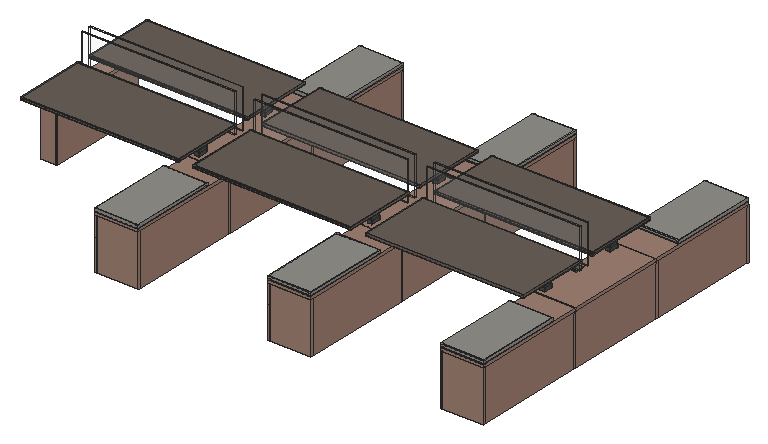
Revit family "T200199", category Furniture, Revit 2015 (continued)
Definition of nested family "STAKS CROSS RAIL BASIC POWER Double Sided Three Circuit"
  Dimensions and locks (in)
    aligned and locked: cut or joined group of Extrusion 18, Extrusion 32, Extrusion 33, Extrusion 34, Extrusion 35 to plane 31
    aligned and locked: plane 30 to cut or joined group of Extrusion 18, Extrusion 32, Extrusion 33, Extrusion 34, Extrusion 35
    aligned and locked: plane 51 to Extrusion 36
    aligned and locked: Extrusion 36 to plane 20
    aligned and locked: plane 52 to Extrusion 36
    aligned and locked: Extrusion 36 to plane 37
    aligned and locked: Extrusion 36 to plane 56
    aligned and locked: plane 55 to Extrusion 36
    aligned and locked: Extrusion 38 sketch curve to plane 56
    aligned and locked: plane 54 to Extrusion 38 sketch curve
    aligned and locked: plane 53 to Extrusion 38 sketch curve
    aligned and locked: Extrusion 38 sketch curve to plane 4  (x2)
    aligned and locked: Extrusion 38 sketch curve to plane 57
    aligned and locked: plane 16 to Extrusion 38
    aligned and locked: Extrusion 38 to plane 34
    aligned and locked: plane 58 to Extrusion 37
    aligned and locked: plane 59 to Extrusion 37
  Automatic sketch dimensions
    Extrusion 1 sketch curve to Extrusion 1 sketch curve = 0.00"  (x16)
    Extrusion 1 sketch curve to plane 15 = 0.00"
    Extrusion 1 sketch curve to plane 14 = 0.00"
    plane 14 to Extrusion 1 sketch curve = 0.39922"  (x2)
    plane 4 to Extrusion 1 sketch curve = 2.06012"
    Extrusion 1 sketch curve to Extrusion 1 sketch curve = 0.0625"  (x3)
    Extrusion 1 sketch curve to plane 15 = 0.1961"  (x2)
    Extrusion 1 sketch curve to Extrusion 1 sketch curve = 0.14063"
    Extrusion 1 sketch curve to Extrusion 1 sketch curve = 0.14062"  (x3)
    plane 14 to Extrusion 1 sketch curve = 0.0625"
    Extrusion 1 sketch curve to Extrusion 1 sketch curve = 0.125"  (x3)
    Extrusion 1 sketch curve to Extrusion 1 sketch curve = 0.00885"  (x2)
    Extrusion 1 sketch curve to Extrusion 1 sketch curve = 0.00024"  (x4)
    Extrusion 1 sketch curve to Extrusion 1 sketch curve = 0.01562"  (x3)
    Extrusion 1 sketch curve to Extrusion 1 sketch curve = 0.01563"
    Extrusion 1 sketch curve to Extrusion 1 sketch curve = 0.00654"  (x2)
    Extrusion 1 sketch curve to Extrusion 1 sketch curve = 0.01744"
    Extrusion 1 sketch curve to Extrusion 1 sketch curve = 0.0926"  (x2)
    Extrusion 1 sketch curve to Extrusion 1 sketch curve = 0.01543"  (x4)
    Extrusion 1 sketch curve to Extrusion 1 sketch curve = 0.48289"  (x2)
    Extrusion 1 sketch curve to Extrusion 1 sketch curve = 0.10803"
    plane 13 to Extrusion 2 sketch curve = 0.5313"
    plane 19 to Extrusion 2 sketch curve = 1.53619"
    Extrusion 3 sketch curve to plane 1 "Center (Front/Back)" = 0.00"  (x2)
    Extrusion 3 sketch curve to plane 1 "Center (Front/Back)" = 0.1644"
    plane 4 to Extrusion 3 sketch curve = 1.3806"
    plane 1 "Center (Front/Back)" to Extrusion 3 sketch curve = 0.10561"
    Extrusion 3 sketch curve to Extrusion 3 sketch curve = 0.05878"
    plane 1 "Center (Front/Back)" to Extrusion 3 sketch curve = 0.56603"
    Extrusion 3 sketch curve to Extrusion 3 sketch curve = 0.02458"  (x2)
    Extrusion 3 sketch curve to Extrusion 3 sketch curve = 0.02775"  (x2)
    Extrusion 3 sketch curve to Extrusion 3 sketch curve = 0.02814"  (x2)
    Extrusion 3 sketch curve to plane 1 "Center (Front/Back)" = 0.10561"
    Extrusion 3 sketch curve to plane 1 "Center (Front/Back)" = 0.56603"
    Extrusion 3 sketch curve to Extrusion 3 sketch curve = 0.00529"
    Extrusion 3 sketch curve to Extrusion 3 sketch curve = 0.02224"  (x2)
    Extrusion 3 sketch curve to Extrusion 3 sketch curve = 0.02753"
    Extrusion 3 sketch curve to Extrusion 3 sketch curve = 0.00"
    Extrusion 3 sketch curve to Extrusion 3 sketch curve = 0.09356"  (x2)
    Extrusion 3 sketch curve to Extrusion 3 sketch curve = 0.26625"  (x2)
    Extrusion 3 sketch curve to Extrusion 3 sketch curve = 0.02752"  (x2)
    Extrusion 3 sketch curve to Extrusion 3 sketch curve = 0.17531"  (x2)
    Extrusion 3 sketch curve to Extrusion 3 sketch curve = 0.40998"
    Extrusion 3 sketch curve to Extrusion 3 sketch curve = 0.12078"  (x2)
    Extrusion 3 sketch curve to Extrusion 3 sketch curve = 0.096"
    Extrusion 4 sketch curve to plane 42 = 0.29039"
    plane 15 to Extrusion 4 sketch curve = 0.26139"
    plane 4 to Extrusion 4 sketch curve = 1.6227"
    Extrusion 4 sketch curve to Extrusion 4 sketch curve = 0.03538"
    Extrusion 4 sketch curve to Extrusion 4 sketch curve = 0.0537"
    Extrusion 4 sketch curve to Extrusion 4 sketch curve = 0.0963"
    Extrusion 4 sketch curve to plane 15 = 0.11622"
    Extrusion 4 sketch curve to plane 15 = 0.25829"
    Extrusion 4 sketch curve to Extrusion 4 sketch curve = 0.04427"
    Extrusion 4 sketch curve to Extrusion 4 sketch curve = 0.12931"
    Extrusion 4 sketch curve to Extrusion 4 sketch curve = 0.14662"
    Extrusion 4 sketch curve to Extrusion 4 sketch curve = 0.06164"
    Extrusion 4 sketch curve to Extrusion 4 sketch curve = 0.10456"
    Extrusion 5 sketch curve to plane 14 = 0.36951"
    Extrusion 5 sketch curve to plane 14 = 0.33413"
    plane 4 to Extrusion 5 sketch curve = 2.00319"
    Extrusion 5 sketch curve to Extrusion 5 sketch curve = 0.05701"
    Extrusion 5 sketch curve to Extrusion 5 sketch curve = 0.0537"
    Extrusion 5 sketch curve to Extrusion 5 sketch curve = 0.0963"
    plane 14 to Extrusion 5 sketch curve = 0.11881"
    plane 14 to Extrusion 5 sketch curve = 0.26088"
    Extrusion 5 sketch curve to Extrusion 5 sketch curve = 0.04291"
    Extrusion 5 sketch curve to Extrusion 5 sketch curve = 0.06852"
    Extrusion 5 sketch curve to Extrusion 5 sketch curve = 0.14662"
    Extrusion 5 sketch curve to Extrusion 5 sketch curve = 0.08504"
    Extrusion 5 sketch curve to Extrusion 5 sketch curve = 0.04427"
    Extrusion 6 sketch curve to plane 11 = 0.00"
    plane 4 to Extrusion 6 sketch curve = 1.77364"
    Extrusion 6 sketch curve to Extrusion 6 sketch curve = 0.37191"  (x2)
    plane 42 to Extrusion 6 sketch curve = 0.208"
    Extrusion 6 sketch curve to Extrusion 6 sketch curve = 1.01094"
    plane 19 to Extrusion 6 sketch curve = 0.52525"
    plane 21 to Extrusion 7 sketch curve = 0.00"
    plane 19 to Extrusion 7 sketch curve = 0.52525"
    Extrusion 7 sketch curve to plane 21 = 0.37191"  (x2)
    Extrusion 7 sketch curve to plane 21 = 0.542"
    Extrusion 7 sketch curve to Extrusion 7 sketch curve = 1.01094"  (x2)
    Extrusion 8 sketch curve to plane 11 = 0.00"
    plane 21 to Extrusion 8 sketch curve = 0.00"
    Extrusion 8 sketch curve to plane 42 = 0.3051"
    plane 4 to Extrusion 8 sketch curve = 1.88459"
    Extrusion 8 sketch curve to plane 42 = 0.19353"
    Extrusion 8 sketch curve to plane 42 = 0.21308"
    Extrusion 8 sketch curve to plane 42 = 0.30563"
    Extrusion 8 sketch curve to plane 14 = 0.35686"
    Extrusion 8 sketch curve to plane 14 = 0.35739"
    Extrusion 8 sketch curve to Extrusion 8 sketch curve = 0.09255"
    Extrusion 8 sketch curve to Extrusion 8 sketch curve = 0.11157"
    Extrusion 8 sketch curve to Extrusion 8 sketch curve = 0.35781"  (x2)
    plane 19 to Extrusion 8 sketch curve = 0.99403"  (x2)
    Extrusion 8 sketch curve to Extrusion 8 sketch curve = 0.41292"
    Extrusion 9 sketch curve to plane 14 = 0.1445"
    plane 14 to Extrusion 9 sketch curve = 0.22401"
    Extrusion 9 sketch curve to Extrusion 9 sketch curve = 0.01954"  (x2)
    Extrusion 9 sketch curve to Extrusion 9 sketch curve = 0.10014"  (x2)
    Extrusion 9 sketch curve to Extrusion 9 sketch curve = 0.0228"  (x2)
    Extrusion 9 sketch curve to plane 15 = 0.37235"
    plane 15 to Extrusion 9 sketch curve = 0.13863"
    plane 4 to Extrusion 9 sketch curve = 1.875"  (x2)
    Extrusion 9 sketch curve to Extrusion 9 sketch curve = 0.10"  (x2)
    Extrusion 9 sketch curve to Extrusion 9 sketch curve = 0.63238"
    Extrusion 9 sketch curve to Extrusion 9 sketch curve = 0.02294"
    Extrusion 10 sketch curve to Extrusion 10 sketch curve = 0.00"  (x16)
    plane 33 to Extrusion 10 sketch curve = 0.00"
    plane 32 to Extrusion 10 sketch curve = 0.00"
    plane 19 to Extrusion 10 sketch curve = 0.81172"
    Extrusion 10 sketch curve to plane 33 = 0.0625"
    Extrusion 10 sketch curve to plane 33 = 0.1961"  (x2)
    Extrusion 10 sketch curve to Extrusion 10 sketch curve = 0.0625"  (x3)
    Extrusion 10 sketch curve to Extrusion 10 sketch curve = 0.14063"
    Extrusion 10 sketch curve to Extrusion 10 sketch curve = 0.14062"  (x3)
    plane 32 to Extrusion 10 sketch curve = 0.39922"  (x2)
    Extrusion 10 sketch curve to Extrusion 10 sketch curve = 0.125"  (x4)
    Extrusion 10 sketch curve to Extrusion 10 sketch curve = 0.00885"  (x2)
    Extrusion 10 sketch curve to Extrusion 10 sketch curve = 0.00024"  (x4)
    Extrusion 10 sketch curve to Extrusion 10 sketch curve = 0.01562"  (x2)
    Extrusion 10 sketch curve to Extrusion 10 sketch curve = 0.01563"  (x2)
    Extrusion 10 sketch curve to Extrusion 10 sketch curve = 0.00654"  (x2)
    Extrusion 10 sketch curve to Extrusion 10 sketch curve = 0.0926"  (x3)
    Extrusion 10 sketch curve to Extrusion 10 sketch curve = 0.01543"  (x4)
    Extrusion 10 sketch curve to Extrusion 10 sketch curve = 0.48289"  (x2)
    plane 31 to Extrusion 11 sketch curve = 0.5313"
    plane 19 to Extrusion 11 sketch curve = 1.53619"
    Extrusion 12 sketch curve to plane 1 "Center (Front/Back)" = 0.00"  (x2)
    plane 4 to Extrusion 12 sketch curve = 1.98014"
    plane 1 "Center (Front/Back)" to Extrusion 12 sketch curve = 0.10561"
    Extrusion 12 sketch curve to Extrusion 12 sketch curve = 0.05878"  (x2)
    plane 1 "Center (Front/Back)" to Extrusion 12 sketch curve = 0.56603"
    Extrusion 12 sketch curve to Extrusion 12 sketch curve = 0.02458"  (x2)
    Extrusion 12 sketch curve to Extrusion 12 sketch curve = 0.02775"  (x2)
    Extrusion 12 sketch curve to Extrusion 12 sketch curve = 0.02814"  (x2)
    Extrusion 12 sketch curve to plane 1 "Center (Front/Back)" = 0.10561"
    Extrusion 12 sketch curve to plane 1 "Center (Front/Back)" = 0.56603"
    Extrusion 12 sketch curve to Extrusion 12 sketch curve = 0.00529"
    Extrusion 12 sketch curve to Extrusion 12 sketch curve = 0.02224"  (x2)
    Extrusion 12 sketch curve to Extrusion 12 sketch curve = 0.02753"
    Extrusion 12 sketch curve to Extrusion 12 sketch curve = 0.00969"  (x2)
    Extrusion 12 sketch curve to Extrusion 12 sketch curve = 0.096"
    Extrusion 12 sketch curve to Extrusion 12 sketch curve = 0.12078"  (x2)
    Extrusion 12 sketch curve to Extrusion 12 sketch curve = 0.17531"  (x2)
    Extrusion 12 sketch curve to Extrusion 12 sketch curve = 0.02752"  (x2)
    Extrusion 12 sketch curve to Extrusion 12 sketch curve = 0.40998"
    Extrusion 12 sketch curve to Extrusion 12 sketch curve = 0.00"
    Extrusion 12 sketch curve to Extrusion 12 sketch curve = 0.09356"  (x2)
    Extrusion 13 sketch curve to plane 41 = 0.29039"
    Extrusion 13 sketch curve to plane 41 = 0.32576"
    plane 4 to Extrusion 13 sketch curve = 2.00319"
    Extrusion 13 sketch curve to Extrusion 13 sketch curve = 0.05701"
    Extrusion 13 sketch curve to Extrusion 13 sketch curve = 0.0537"
    Extrusion 13 sketch curve to Extrusion 13 sketch curve = 0.0963"
    Extrusion 13 sketch curve to plane 33 = 0.11622"
    Extrusion 13 sketch curve to plane 33 = 0.25829"
    Extrusion 13 sketch curve to Extrusion 13 sketch curve = 0.04291"
    Extrusion 13 sketch curve to Extrusion 13 sketch curve = 0.06852"
    Extrusion 13 sketch curve to Extrusion 13 sketch curve = 0.14662"
    Extrusion 13 sketch curve to Extrusion 13 sketch curve = 0.08504"
    Extrusion 13 sketch curve to Extrusion 13 sketch curve = 0.04427"
    Extrusion 14 sketch curve to plane 32 = 0.36951"
    Extrusion 14 sketch curve to plane 32 = 0.2588"
    plane 4 to Extrusion 14 sketch curve = 1.6227"
    Extrusion 14 sketch curve to Extrusion 14 sketch curve = 0.03538"
    Extrusion 14 sketch curve to Extrusion 14 sketch curve = 0.0537"
    Extrusion 14 sketch curve to Extrusion 14 sketch curve = 0.0963"
    plane 32 to Extrusion 14 sketch curve = 0.11881"
    plane 32 to Extrusion 14 sketch curve = 0.26088"
    Extrusion 14 sketch curve to Extrusion 14 sketch curve = 0.04427"
    Extrusion 14 sketch curve to Extrusion 14 sketch curve = 0.12931"
    Extrusion 14 sketch curve to Extrusion 14 sketch curve = 0.14662"
    Extrusion 14 sketch curve to Extrusion 14 sketch curve = 0.06164"
    Extrusion 14 sketch curve to Extrusion 14 sketch curve = 0.10456"
    plane 29 to Extrusion 15 sketch curve = 0.00"
    plane 19 to Extrusion 15 sketch curve = 0.52525"
    Extrusion 15 sketch curve to plane 29 = 0.37191"  (x2)
    plane 41 to Extrusion 15 sketch curve = 0.208"
    Extrusion 15 sketch curve to Extrusion 15 sketch curve = 1.01094"  (x2)
    Extrusion 16 sketch curve to plane 38 = 0.00"
    plane 4 to Extrusion 16 sketch curve = 1.77364"
    Extrusion 16 sketch curve to Extrusion 16 sketch curve = 0.37191"  (x2)
    Extrusion 16 sketch curve to plane 38 = 0.542"
    Extrusion 16 sketch curve to Extrusion 16 sketch curve = 1.01094"
    plane 19 to Extrusion 16 sketch curve = 0.52525"
    plane 29 to Extrusion 17 sketch curve = 0.00"
    Extrusion 17 sketch curve to plane 38 = 0.00"
    plane 19 to Extrusion 17 sketch curve = 0.58111"
    Extrusion 17 sketch curve to plane 41 = 0.19353"
    Extrusion 17 sketch curve to plane 41 = 0.21308"
    Extrusion 17 sketch curve to plane 41 = 0.3051"
    Extrusion 17 sketch curve to plane 41 = 0.30563"
    Extrusion 17 sketch curve to plane 32 = 0.35686"
    Extrusion 17 sketch curve to plane 32 = 0.35739"
    Extrusion 17 sketch curve to Extrusion 17 sketch curve = 0.09255"
    Extrusion 17 sketch curve to Extrusion 17 sketch curve = 0.11157"
    Extrusion 17 sketch curve to Extrusion 17 sketch curve = 0.41292"  (x2)
    Extrusion 17 sketch curve to Extrusion 17 sketch curve = 1.08434"  (x2)
    Extrusion 17 sketch curve to Extrusion 17 sketch curve = 0.35781"
    Extrusion 18 sketch curve to plane 32 = 0.1445"
    plane 32 to Extrusion 18 sketch curve = 0.22401"
    Extrusion 18 sketch curve to Extrusion 18 sketch curve = 0.01954"  (x2)
    Extrusion 18 sketch curve to Extrusion 18 sketch curve = 0.10014"  (x2)
    Extrusion 18 sketch curve to Extrusion 18 sketch curve = 0.0228"  (x2)
    Extrusion 18 sketch curve to plane 33 = 0.37235"
    plane 33 to Extrusion 18 sketch curve = 0.13863"
    plane 4 to Extrusion 18 sketch curve = 1.00"
    Extrusion 18 sketch curve to Extrusion 18 sketch curve = 0.02294"
    Extrusion 18 sketch curve to Extrusion 18 sketch curve = 0.63238"  (x2)
    Extrusion 18 sketch curve to Extrusion 18 sketch curve = 0.10"  (x2)
    Extrusion 19 sketch curve to plane 11 = 0.00"
    Extrusion 19 sketch curve to plane 45 = 0.17982"  (x2)
    plane 19 to Extrusion 19 sketch curve = 0.52526"
    plane 12 to Extrusion 19 sketch curve = 0.07916"
    plane 4 to Extrusion 19 sketch curve = 1.77363"
    plane 46 to Extrusion 20 sketch curve = 0.1746"
    plane 19 to Extrusion 20 sketch curve = 0.52526"
    Extrusion 20 sketch curve to Extrusion 20 sketch curve = 0.00"
    Extrusion 20 sketch curve to plane 47 = 0.17518"  (x2)
    Extrusion 20 sketch curve to plane 11 = 0.25423"
    plane 50 to Extrusion 20 sketch curve = 0.57452"
    plane 4 to Extrusion 20 sketch curve = 1.77363"
    Extrusion 21 sketch curve to plane 42 = 0.00"  (x2)
    Extrusion 21 sketch curve to plane 11 = 0.00"  (x7)
    plane 42 to Extrusion 21 sketch curve = 0.25"  (x2)
    plane 19 to Extrusion 21 sketch curve = 0.72371"
    Extrusion 21 sketch curve to Extrusion 21 sketch curve = 0.00"  (x5)
    Extrusion 21 sketch curve to Extrusion 21 sketch curve = 0.03401"  (x2)
    Extrusion 21 sketch curve to Extrusion 21 sketch curve = 0.0625"  (x4)
    Extrusion 21 sketch curve to Extrusion 21 sketch curve = 0.125"  (x2)
    Extrusion 21 sketch curve to Extrusion 21 sketch curve = 0.1875"  (x5)
    Extrusion 21 sketch curve to Extrusion 21 sketch curve = 0.04687"
    Extrusion 21 sketch curve to Extrusion 21 sketch curve = 0.04688"  (x3)
    Extrusion 22 sketch curve to plane 45 = 0.15394"
    plane 19 to Extrusion 22 sketch curve = 0.59871"
    plane 11 to Extrusion 22 sketch curve = 0.38868"
    plane 46 to Extrusion 22 sketch curve = 0.14943"  (x2)
    plane 12 to Extrusion 22 sketch curve = 0.07916"
    plane 50 to Extrusion 22 sketch curve = 0.57452"
    plane 4 to Extrusion 22 sketch curve = 1.84707"
    plane 29 to Extrusion 23 sketch curve = 0.00"
    plane 48 to Extrusion 23 sketch curve = 0.17982"  (x2)
    Extrusion 23 sketch curve to plane 19 = 0.52526"
    Extrusion 23 sketch curve to plane 30 = 0.07916"
    Extrusion 23 sketch curve to plane 4 = 1.77363"
    Extrusion 24 sketch curve to plane 49 = 0.1746"
    Extrusion 24 sketch curve to plane 19 = 0.52526"
    Extrusion 24 sketch curve to Extrusion 24 sketch curve = 0.00"
    plane 50 to Extrusion 24 sketch curve = 0.17518"  (x2)
    plane 29 to Extrusion 24 sketch curve = 0.25423"
    Extrusion 24 sketch curve to plane 47 = 0.57452"
    Extrusion 24 sketch curve to plane 4 = 1.77363"
    plane 41 to Extrusion 25 sketch curve = 0.00"  (x2)
    plane 29 to Extrusion 25 sketch curve = 0.00"  (x7)
    Extrusion 25 sketch curve to plane 41 = 0.25"  (x2)
    Extrusion 25 sketch curve to plane 19 = 0.72371"
    Extrusion 25 sketch curve to Extrusion 25 sketch curve = 0.00"  (x5)
    Extrusion 25 sketch curve to Extrusion 25 sketch curve = 0.03401"  (x2)
    Extrusion 25 sketch curve to Extrusion 25 sketch curve = 0.0625"  (x4)
    Extrusion 25 sketch curve to Extrusion 25 sketch curve = 0.125"  (x2)
    Extrusion 25 sketch curve to Extrusion 25 sketch curve = 0.1875"  (x5)
    Extrusion 25 sketch curve to Extrusion 25 sketch curve = 0.04687"
    Extrusion 25 sketch curve to Extrusion 25 sketch curve = 0.04688"  (x3)
    plane 48 to Extrusion 26 sketch curve = 0.15394"
    Extrusion 26 sketch curve to plane 19 = 0.59871"
    Extrusion 26 sketch curve to plane 29 = 0.38868"
    Extrusion 26 sketch curve to plane 49 = 0.14943"  (x2)
    Extrusion 26 sketch curve to plane 30 = 0.07916"
    Extrusion 26 sketch curve to plane 47 = 0.57452"
    Extrusion 26 sketch curve to plane 4 = 1.84707"
    Extrusion 27 sketch curve to plane 1 "Center (Front/Back)" = 0.00"
    plane 19 to Extrusion 27 sketch curve = 1.05899"
    Extrusion 27 sketch curve to Extrusion 27 sketch curve = 0.47722"
    plane 15 to Extrusion 28 sketch curve = 0.15728"
    Extrusion 28 sketch curve to plane 15 = 0.14273"
    Extrusion 28 sketch curve to plane 1 "Center (Front/Back)" = 0.84"
    Extrusion 28 sketch curve to plane 15 = 0.03272"  (x2)
    plane 1 "Center (Front/Back)" to Extrusion 28 sketch curve = 0.65"
    Extrusion 29 sketch curve to plane 14 = 0.15728"
    plane 14 to Extrusion 29 sketch curve = 0.14273"
    plane 1 "Center (Front/Back)" to Extrusion 29 sketch curve = 0.84"
    plane 14 to Extrusion 29 sketch curve = 0.03272"  (x2)
    Extrusion 29 sketch curve to plane 1 "Center (Front/Back)" = 0.65"
    Extrusion 30 sketch curve to plane 12 = 0.00"
    Extrusion 30 sketch curve to plane 13 = 0.00"
    Extrusion 30 sketch curve to plane 1 "Center (Front/Back)" = 0.175"
    plane 12 to Extrusion 30 sketch curve = 0.125"
    Extrusion 30 sketch curve to plane 13 = 0.125"
    plane 1 "Center (Front/Back)" to Extrusion 30 sketch curve = 0.65353"
    Extrusion 31 sketch curve to Extrusion 31 sketch curve = 0.00"  (x2)
    plane 1 "Center (Front/Back)" to Extrusion 31 sketch curve = 0.05"
    Extrusion 31 sketch curve to plane 1 "Center (Front/Back)" = 0.175"
    plane 4 to Extrusion 31 sketch curve = 1.00"
    Extrusion 31 sketch curve to plane 1 "Center (Front/Back)" = 0.05"
    Extrusion 31 sketch curve to Extrusion 31 sketch curve = 0.31054"
    plane 33 to Extrusion 32 sketch curve = 0.15728"
    Extrusion 32 sketch curve to plane 33 = 0.14273"
    plane 1 "Center (Front/Back)" to Extrusion 32 sketch curve = 0.84"
    Extrusion 32 sketch curve to plane 33 = 0.03272"  (x2)
    Extrusion 32 sketch curve to plane 1 "Center (Front/Back)" = 0.65"
    Extrusion 33 sketch curve to plane 32 = 0.15728"
    plane 32 to Extrusion 33 sketch curve = 0.14273"
    Extrusion 33 sketch curve to plane 1 "Center (Front/Back)" = 0.84"
    plane 32 to Extrusion 33 sketch curve = 0.03272"  (x2)
    plane 1 "Center (Front/Back)" to Extrusion 33 sketch curve = 0.65"
    Extrusion 34 sketch curve to plane 30 = 0.00"
    Extrusion 34 sketch curve to plane 31 = 0.00"
    Extrusion 34 sketch curve to plane 31 = 0.125"
    plane 1 "Center (Front/Back)" to Extrusion 34 sketch curve = 0.65353"
    plane 30 to Extrusion 34 sketch curve = 0.125"
    Extrusion 34 sketch curve to plane 1 "Center (Front/Back)" = 0.05"
    Extrusion 35 sketch curve to Extrusion 35 sketch curve = 0.00"  (x2)
    plane 1 "Center (Front/Back)" to Extrusion 35 sketch curve = 0.05"
    plane 4 to Extrusion 35 sketch curve = 1.53554"
    Extrusion 35 sketch curve to plane 1 "Center (Front/Back)" = 0.05"
    Extrusion 35 sketch curve to plane 1 "Center (Front/Back)" = 0.175"
    Extrusion 35 sketch curve to Extrusion 35 sketch curve = 0.31054"
    Extrusion 36 sketch curve to plane 16 = 2.91339"
    Extrusion 36 sketch curve to plane 34 = 2.91339"
    plane 54 to Extrusion 36 sketch curve = 1.00"
    plane 53 to Extrusion 36 sketch curve = 1.00"
    plane 19 to Extrusion 37 sketch curve = 1.01441"
    Extrusion 37 sketch curve to plane 1 "Center (Front/Back)" = 0.67292"
    plane 19 to Extrusion 37 sketch curve = 0.88941"
    Extrusion 37 sketch curve to Extrusion 37 sketch curve = 0.125"  (x2)
    Extrusion 37 sketch curve to plane 57 = 0.00"  (x2)
    plane 1 "Center (Front/Back)" to Extrusion 37 sketch curve = 0.67292"
    Extrusion 38 sketch curve to plane 53 = 0.25"
    Extrusion 38 sketch curve to plane 54 = 0.25"
    radius of Extrusion 2 sketch curve = 0.0625"
    radius of Extrusion 11 sketch curve = 0.0625"
Definition of nested family "STAKS WORKSURFACE EDGE MODESTY FROSTED ACRYLIC"
  Parameters (values of type "STAKS WORKSURFACE EDGE MODESTY FROSTED ACRYLIC 66")
    Width = 66.00"
    URL = "http://www.ofs.com/"
    Model = "6-WEMA-66/23.75"
    Manufacturer = "OFS"
    Height From Floor = 23.75"
    Height = 23.75"
    Description = "OFS STAKS WORKSURFACE EDGE MODESTY FROSTED ACRYLIC 66\", Provides Privacy in the Open Plan or Private Office"
    Depth = 0.75"
    Copyright © = "© 2018 OFS"
    Catalog = "https://ofs.com/products/casegoods/private-office/staks"
    Panel Material = none
    Authoring Version = "Autodesk Revit Architecture 2013"
    Assembly Code = "E2020200"
  Types (9): name | Width | Model | Description
    STAKS WORKSURFACE EDGE MODESTY FROSTED ACRYLIC 24 | 24.00" | "6-WEMA-24/23.75" | "OFS STAKS WORKSURFACE EDGE MODESTY FROSTED ACRYLIC 24\", Provides Privacy in the Open Plan or Private Office"
    STAKS WORKSURFACE EDGE MODESTY FROSTED ACRYLIC 30 | 30.00" | "6-WEMA-30/23.75" | "OFS STAKS WORKSURFACE EDGE MODESTY FROSTED ACRYLIC 30\", Provides Privacy in the Open Plan or Private Office"
    STAKS WORKSURFACE EDGE MODESTY FROSTED ACRYLIC 36 | 36.00" | "6-WEMA-36/23.75" | "OFS STAKS WORKSURFACE EDGE MODESTY FROSTED ACRYLIC 36\", Provides Privacy in the Open Plan or Private Office"
    STAKS WORKSURFACE EDGE MODESTY FROSTED ACRYLIC 42 | 42.00" | "6-WEMA-42/23.75" | "OFS STAKS WORKSURFACE EDGE MODESTY FROSTED ACRYLIC 42\", Provides Privacy in the Open Plan or Private Office"
    STAKS WORKSURFACE EDGE MODESTY FROSTED ACRYLIC 48 | 48.00" | "6-WEMA-48/23.75" | "OFS STAKS WORKSURFACE EDGE MODESTY FROSTED ACRYLIC 48\", Provides Privacy in the Open Plan or Private Office"
    STAKS WORKSURFACE EDGE MODESTY FROSTED ACRYLIC 54 | 54.00" | "6-WEMA-54/23.75" | "OFS STAKS WORKSURFACE EDGE MODESTY FROSTED ACRYLIC 54\", Provides Privacy in the Open Plan or Private Office"
    STAKS WORKSURFACE EDGE MODESTY FROSTED ACRYLIC 60 | 60.00" | "6-WEMA-60/23.75" | "OFS STAKS WORKSURFACE EDGE MODESTY FROSTED ACRYLIC 60\", Provides Privacy in the Open Plan or Private Office"
    STAKS WORKSURFACE EDGE MODESTY FROSTED ACRYLIC 66 | 66.00" | "6-WEMA-66/23.75" | "OFS STAKS WORKSURFACE EDGE MODESTY FROSTED ACRYLIC 66\", Provides Privacy in the Open Plan or Private Office"
    STAKS WORKSURFACE EDGE MODESTY FROSTED ACRYLIC 72 | 72.00" | "6-WEMA-72/23.75" | "OFS STAKS WORKSURFACE EDGE MODESTY FROSTED ACRYLIC 72\", Provides Privacy in the Open Plan or Private Office"
  Reference planes (in)
    plane 1: z = 0
    plane 2 "Center (Front/Back)": y = 2.37535
    plane 3 "LEFT": x = -49.5
    plane 4 "BASE TOP": z = 23.75
    plane 5 "RIGHT": x = 16.5
    plane 6: z = 0
    plane 7: y = 2.75035
    plane 8 "CENTER": x = -16.5
    plane 9: y = 2.00035
  Forms (in)
    Extrusion 1, solid, material <- "Panel Material"
      sketch origin (0, 2.37535, 0) x (1, 0, 0) y (0, 0, 1)
        loop
          line (-49.5, 23.75) -> (-49.5, 0) -> (16.5, 0) -> (16.5, 23.75) -> (-49.5, 23.75)
      from -0.375 to 0.375
  Dimensions and locks (in)
    "Height From Floor": plane 4 "BASE TOP" to plane 1
    "Height": plane 4 "BASE TOP" to plane 6
    equal spacing: plane 3 "LEFT", plane 8 "CENTER", plane 5 "RIGHT"
    equal spacing: plane 9, plane 2 "Center (Front/Back)", plane 7
    "Width": plane 3 "LEFT" to plane 5 "RIGHT"
    "Depth": plane 9 to plane 7
    aligned and locked: level to plane 1
    aligned and locked: Extrusion 1 sketch curve to plane 4 "BASE TOP"
    aligned and locked: plane 3 "LEFT" to Extrusion 1 sketch curve
    aligned and locked: Extrusion 1 sketch curve to plane 5 "RIGHT"
    aligned and locked: Extrusion 1 to plane 6
    aligned and locked: Extrusion 1 to plane 7
    aligned and locked: Extrusion 1 to plane 9
  Automatic sketch dimensions
    Extrusion 1 sketch curve to plane 6 = 0.00"
